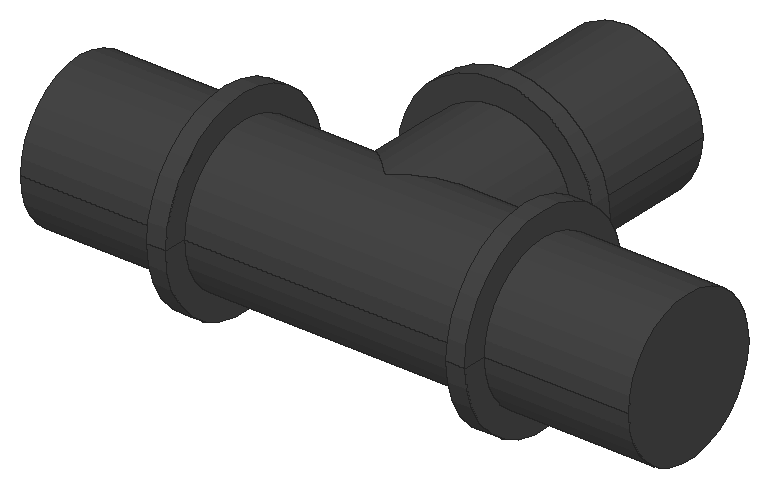
Revit family "BIMLIB_Тройник_переходной_PEX_РОСТерм", category Соединительные детали трубопроводов, Revit 2017
Family settings
  Размер круглого соединителя = Использовать диаметр
  Тип детали = Тройник
  На основе рабочей плоскости = Нет
  Всегда вертикально = Да
  При загрузке вырезать с полостями = Нет
  Общий = Нет
Parameters
  РТ_Z3 [instance] = size_lookup("наименование", "РТ_Z3", 0 mm, РТ_D1, РТ_D2, РТ_D3)  # 34 mm
  РТ_Z2 [instance] = size_lookup("наименование", "РТ_Z2", 0 mm, РТ_D1, РТ_D2, РТ_D3)  # 34 mm
  РТ_Z1 [instance] = size_lookup("наименование", "РТ_Z1", 0 mm, РТ_D1, РТ_D2, РТ_D3)  # 34 mm
  РТ_L [instance] = РТ_A + РТ_C  # 130 mm
  РТ_DN2_н [instance] = РТ_D2 / 2 + 5 mm  # 21 mm
  РТ_C [instance] = size_lookup("наименование", "РТ_C", 0 mm, РТ_D1, РТ_D2, РТ_D3)  # 65 mm
  РТ_B [instance] = size_lookup("наименование", "РТ_B", 0 mm, РТ_D1, РТ_D2, РТ_D3)  # 65 mm
  РТ_A [instance] = size_lookup("наименование", "РТ_A", 0 mm, РТ_D1, РТ_D2, РТ_D3)  # 65 mm
  Описание = "Тройник переходной."
  Изготовитель = "РОСТерм"  # constant formula
  URL = "http://rostherm.ru/"
  РТ_D_основа [instance] = if(РТ_DN1_н > РТ_DN3_н, РТ_DN1_н, РТ_DN3_н)  # 21 mm
  РТ_DN3 [instance] = if(РТ_D1 < РТ_D3, РТ_D1, РТ_D3)  # 32 mm
  РТ_DN1 [instance] = if(РТ_D1 > РТ_D3, РТ_D1, РТ_D3)  # 32 mm
  РТ_DN3_н [instance] = if(РТ_D1 < РТ_D3, РТ_D1_н, РТ_D3_н)  # 21 mm
  РТ_D3 [instance] = 32 mm
  РТ_D2 [instance] = 32 mm
  РТ_DN1_н [instance] = if(РТ_D1 > РТ_D3, РТ_D1_н, РТ_D3_н)  # 21 mm
  РТ_D1_н [instance] = РТ_DN1 / 2 + 5 mm  # 21 mm
  РТ_D1 [instance] = 32 mm
  РТ_D3_н [instance] = РТ_DN3 / 2 + 5 mm  # 21 mm
  BL_Разработано = "support@bimlib.ru"
  BL_Email = "rostherm@bimlib.ru"
  BL_BIM library = "https://bimlib.pro/manufacturer/rosterm/1632/"
  ADSK_Расход жидкости [instance] = 0.0 L/s
  ADSK_Примечание = ""
  ADSK_Позиция = ""
  ADSK_Обозначение [instance] = "ГОСТ 32415-2013"  # constant formula
  ADSK_Наименование краткое [instance] = size_lookup("наименование", "", "-", РТ_D1, РТ_D2, РТ_D3)  # "Тройник 32х32х32"
  ADSK_Наименование [instance] = size_lookup("наименование", "", "-", РТ_D1, РТ_D2, РТ_D3)  # "Тройник 32х32х32"
  ADSK_Материал = BIMLIB_Черный_РT
  ADSK_Масса_Текст = ""
  ADSK_Масса [instance] = 0
  ADSK_Марка = ""
  ADSK_Код изделия [instance] = size_lookup("артикул", "", "-", РТ_D1, РТ_D2, РТ_D3)  # "Ftree323232"
  ADSK_Завод-изготовитель = "РОСТерм"  # constant formula
  ADSK_Единица измерения = "шт"  # constant formula
  ADSK_Версия Revit = "2017"
  ADSK_URL страницы изделия = "http://rostherm.ru/pexb/"
  ADSK_URL документации изделия = "http://rostherm.ru/"
Reference planes
  plane 1 "По центру (Вперед/Назад)": y = 0
  plane 2: z = 0
  plane 3 "По центру (Влево/Вправо)": x = 0
  plane 4: x = -65
  plane 5: x = 65
  plane 6: y = 65
  plane 7: x = 30
  plane 8: x = -30
  plane 9: y = 34
  plane 10: x = -34
  plane 11: x = 34
Forms (mm)
  Extrusion 1, solid, material "BIMLIB_Черный_РT" <- "ADSK_Материал", detail levels medium+fine
    sketch origin (0, 0, 0) x (0, 1, 0) y (0, 0, 1)
      loop
        circle (0, 0) r 16
    from -65 to -30
  Extrusion 2, solid, material "BIMLIB_Черный_РT" <- "ADSK_Материал", detail levels medium+fine
    sketch origin (0, 0, 0) x (1, 0, 0) y (0, 0, 1)
      loop
        circle (0, 0) r 16
    from -65 to 0
  Extrusion 3, solid, material "BIMLIB_Черный_РT" <- "ADSK_Материал", detail levels medium+fine
    sketch origin (0, 0, 0) x (0, 1, 0) y (0, 0, 1)
      loop
        circle (0, 0) r 16
    from 30 to 65
  Extrusion 4, solid, material "BIMLIB_Черный_РT" <- "ADSK_Материал", detail levels medium+fine
    sketch origin (0, 0, 0) x (0, 1, 0) y (0, 0, 1)
      loop
        circle (0, 0) r 16
    from 30 to -30
  Revolve 5, solid, material "BIMLIB_Черный_РT" <- "ADSK_Материал", detail levels medium+fine
    sketch origin (0, 0, 0) x (1, 0, 0) y (0, 1, 0)
      loop
        line (0, 34) -> (-21, 34) -> (-21, 29.993) -> (0, 29.993) -> (0, 34)
      axis (0, 29.993) -> (0, 34)
    angle from 0 to 360
  Revolve 6, solid, material "BIMLIB_Черный_РT" <- "ADSK_Материал", detail levels medium+fine
    sketch origin (0, 0, 0) x (1, 0, 0) y (0, 1, 0)
      loop
        line (-34, 0) -> (-30, 0) -> (-30, 21) -> (-34, 21) -> (-34, 0)
      loop
        line (30, 0) -> (34, 0) -> (34, 21) -> (30, 21) -> (30, 0)
      axis (-34, 0) -> (34, 0)
    angle from 0 to 360
Cuts and joins
  joined: Extrusion 1, Extrusion 2, Extrusion 4
Lines and regions (mm)
  reference lines
    curve 1: line (0, 65, 0) -> (0, 0, 0)
    curve 2: line (65, 0, 0) -> (-65, 0, 0)
Dimensions and locks
  "РТ_B": plane 6 to plane 1 "По центру (Вперед/Назад)"
  locked: Revolve 5 sketch curve to Revolve 5 sketch curve at 4.007
  "РТ_DN2_н": Revolve 5 sketch curve to nested 1
  "РТ_Z2": plane 1 "По центру (Вперед/Назад)" to plane 9
  "РТ_C": plane 4 to plane 3 "По центру (Влево/Вправо)"
  "РТ_A": plane 3 "По центру (Влево/Вправо)" to plane 5
  "РТ_Z3": plane 10 to plane 3 "По центру (Влево/Вправо)"
  "РТ_Z1": plane 3 "По центру (Влево/Вправо)" to plane 11
  "РТ_D1_н": plane 1 "По центру (Вперед/Назад)" to Revolve 6 sketch curve
  "РТ_D3_н": plane 1 "По центру (Вперед/Назад)" to Revolve 6 sketch curve
  locked: plane 10 to plane 8 at 4
  locked: plane 7 to plane 11 at 4
  "РТ_DN1": diameter of Extrusion 1 sketch curve
  "РТ_D2": diameter of Extrusion 4 sketch curve
  "РТ_DN3": diameter of Extrusion 3 sketch curve
  "РТ_D2": diameter of Extrusion 2 sketch curve
  aligned and locked: level to plane 2
  aligned and locked: plane 6 to Extrusion 2
  aligned and locked: plane 1 "По центру (Вперед/Назад)" to Extrusion 2
  aligned and locked: plane 6 to curve 1
  aligned and locked: plane 4 to curve 2
  aligned and locked: plane 5 to curve 2
  aligned and locked: plane 1 "По центру (Вперед/Назад)" to curve 1
  aligned and locked: plane 3 "По центру (Влево/Вправо)" to curve 1
  aligned and locked: plane 1 "По центру (Вперед/Назад)" to curve 2
  aligned and locked: plane 1 "По центру (Вперед/Назад)" to nested 1
  aligned and locked: plane 3 "По центру (Влево/Вправо)" to nested 1
  aligned and locked: plane 5 to Extrusion 3
  aligned and locked: Extrusion 1 to plane 4
  aligned and locked: plane 8 to Extrusion 1
  aligned and locked: Extrusion 4 to plane 8
  aligned and locked: Extrusion 3 to plane 7
  aligned and locked: plane 7 to Extrusion 4
  aligned and locked: plane 9 to Revolve 5 sketch curve
  aligned and locked: plane 3 "По центру (Влево/Вправо)" to Revolve 5 sketch curve
  aligned and locked: plane 11 to Revolve 6 sketch curve
  aligned and locked: Revolve 6 sketch curve to plane 7
  aligned and locked: plane 8 to Revolve 6 sketch curve
  aligned and locked: Revolve 6 sketch curve to plane 10
  aligned and locked: plane 1 "По центру (Вперед/Назад)" to Revolve 6 sketch curve
Automatic sketch dimensions
  Extrusion 1 sketch curve to level = 0 mm
  Extrusion 1 sketch curve to plane 1 "По центру (Вперед/Назад)" = 0 mm
  Extrusion 2 sketch curve to level = 0 mm
  Extrusion 2 sketch curve to plane 3 "По центру (Влево/Вправо)" = 0 mm
  Extrusion 3 sketch curve to level = 0 mm
  Extrusion 3 sketch curve to plane 1 "По центру (Вперед/Назад)" = 0 mm
  Extrusion 4 sketch curve to level = 0 mm
  Extrusion 4 sketch curve to plane 1 "По центру (Вперед/Назад)" = 0 mm
  Revolve 5 sketch curve to plane 3 "По центру (Влево/Вправо)" = 0 mm
  plane 1 "По центру (Вперед/Назад)" to Revolve 5 sketch curve = 10 mm
  plane 6 to Revolve 5 sketch curve = 13 mm
  plane 1 "По центру (Вперед/Назад)" to Revolve 6 sketch curve = 0 mm  (x2)
  Revolve 6 sketch curve to plane 4 = 2.647 mm
  plane 5 to Revolve 6 sketch curve = 22.353 mm
Nested families
  nested 1: "УГО тройник" at (0, 0, 0), Высота_ном <- "РТ_B", Длина_ном <- "РТ_L", type "УГО тройник", detail levels coarse
    with Длина_ном 130 mm, Высота_ном 65 mm
Connectors
  piping at (65, 0, 0), diameter 32, driven by "РТ_DN3", driven by "ADSK_Расход жидкости"
    settings: on curve 2, index 1, connector inside diameter 609.6 mm, connector length 0 mm, flow factor 0, pipe flow 0.0 L/s, pressure drop 0.0 Pa, fitting loss kfactor 0, connector angle 0.00°, fixture units 0, engagement length 0 mm, angle of deflection 0.00°, flow configuration 0, flow direction 0, fitting loss method 4, system type 28, joint type 0, gender type 0, connector reference index 2, connector utility 0, adjustable connector yes, is connector primary yes, connector description ""
  piping at (-65, 0, 0), diameter 32, driven by "РТ_DN1", driven by "ADSK_Расход жидкости"
    settings: on curve 2, index 2, connector inside diameter 609.6 mm, connector length 0 mm, flow factor 0, pipe flow 0.0 L/s, pressure drop 0.0 Pa, fitting loss kfactor 0, connector angle 0.00°, fixture units 0, engagement length 0 mm, angle of deflection 0.00°, flow configuration 0, flow direction 0, fitting loss method 4, system type 28, joint type 0, gender type 0, connector reference index 1, connector utility 0, adjustable connector yes, is connector primary no, connector description ""
  piping at (0, 65, 0), diameter 32, driven by "РТ_D2", driven by "ADSK_Расход жидкости"
    settings: on curve 1, index 3, connector inside diameter 609.6 mm, connector length 0 mm, flow factor 0, pipe flow 0.0 L/s, pressure drop 0.0 Pa, fitting loss kfactor 0, connector angle 0.00°, fixture units 0, engagement length 0 mm, angle of deflection 0.00°, flow configuration 0, flow direction 0, fitting loss method 4, system type 28, joint type 0, gender type 0, connector reference index -1, connector utility 0, adjustable connector yes, is connector primary no, connector description ""
Definition of nested family "УГО тройник"
  Parameters (values of type "УГО тройник")
    Длина_ном [instance] = 70 mm
    Высота_ном [instance] = 40 mm
  Reference planes
    plane 1 "По центру (Вперед/Назад)": y = 0
    plane 2: z = 0
    plane 3 "По центру (Влево/Вправо)": x = 0
    plane 4: y = 40
    plane 5: x = 35
    plane 6: x = -35
  Lines and regions (mm)
    symbolic lines
      curve 1: line (35, 0, 0) -> (-35, 0, 0)
      curve 2: line (0, 0, 0) -> (0, 40, 0)
      curve 3: line (-5, 40, 0) -> (5, 40, 0)
      curve 4: line (-35, -5, 0) -> (-35, 5, 0)
      curve 5: line (35, -5, 0) -> (35, 5, 0)
    model lines
      curve 6: line (0, 40, 0) -> (0, 0, 0)
      curve 7: line (-35, 0, 0) -> (35, 0, 0)
      curve 8: line (-5, 40, 0) -> (5, 40, 0)
      curve 9: line (35, 5, 0) -> (35, -5, 0)
      curve 10: line (-35, -5, 0) -> (-35, 5, 0)
  Dimensions and locks
    "Высота_ном": plane 4 to plane 1 "По центру (Вперед/Назад)"
    equal spacing: plane 6, plane 3 "По центру (Влево/Вправо)", plane 5
    "Длина_ном": plane 6 to plane 5
    aligned and locked: level to plane 2
    aligned and locked: curve 1 to plane 1 "По центру (Вперед/Назад)"
    aligned and locked: curve 3 to plane 4
    aligned and locked: plane 5 to curve 5
    aligned and locked: plane 6 to curve 4
    aligned and locked: curve 6 to plane 3 "По центру (Влево/Вправо)"
    aligned and locked: plane 1 "По центру (Вперед/Назад)" to curve 7
  Automatic sketch dimensions
    curve 8 to plane 4 = 0 mm
    curve 2 to plane 3 "По центру (Влево/Вправо)" = 0 mm
    curve 8 to curve 2 = 5 mm
    curve 3 to curve 8 = 0 mm  (x2)
    plane 3 "По центру (Влево/Вправо)" to curve 8 = 5 mm
    curve 4 to plane 1 "По центру (Вперед/Назад)" = 5 mm
    curve 5 to plane 1 "По центру (Вперед/Назад)" = 5 mm
    curve 10 to curve 4 = 0 mm
    curve 9 to curve 5 = 0 mm
    curve 10 to curve 7 = 5 mm
    curve 5 to curve 7 = 5 mm
